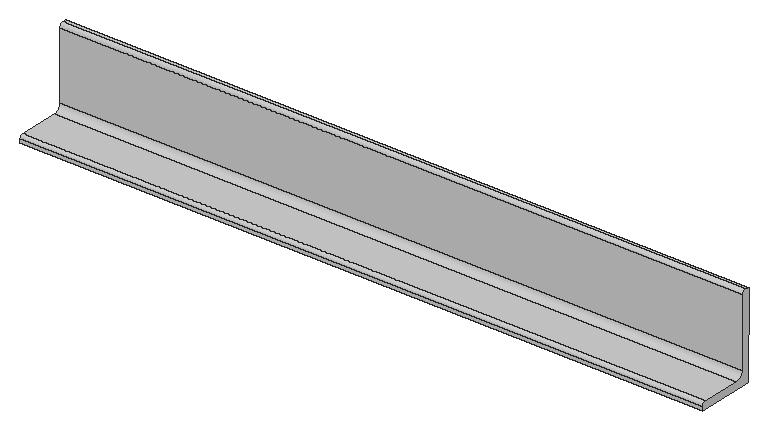
Revit family "b3a58184f82242daacbc37889d2cfbb5", category Structural Framing, Revit 2021
Family settings
  Structural Framing Length Roundoff = 0' - 0"
  Section Shape = L-angle
  Material for Model Behavior = Steel
  Always export as geometry = No
  Family Name Key = L Unequal Angles
  Code Name = AISC 14.1
  OmniClass Number = 23.25.30.11.14.14
  OmniClass Title = Beams
  Seek Item ID = L-Angle-0000-USA-ENU
  Always vertical = Yes
  Cut with Voids When Loaded = No
  Symbolic Representation = From Project Settings
  Shared = No
  Show family pre-cut in plan views = Yes
Parameters (values of type "L6X4X1/2")
  Width = 0' - 4"
  Web Thickness = 0.5000"
  Web Fillet = 0.5000"
  Warping Constant = 0.84300 in⁶
  Torsional Moment of Inertia = 0.40700 in⁴
  Torsional Modulus = 0.000 in³
  Top Web Fillet = 0.2500"
  Structural Material [instance] = Steel ASTM A36
  Section Name Key = ""
  Section Area = 4.750 in²
  Principal Axes Angle = 23.749°
  Plastic Modulus weak axis = 3.690 in³
  Plastic Modulus strong axis = 7.710 in³
  Nominal Weight = 16.20 lbf/ft
  Moment of Inertia weak axis = 6.22000 in⁴
  Moment of Inertia strong axis = 17.30000 in⁴
  Height = 0' - 6"
  Flange Thickness = 0.5000"
  Flange Fillet = 0.2500"
  Elastic Modulus weak axis = 2.060 in³
  Elastic Modulus strong axis = 4.310 in³
  Centroid Vertical = 0' - 1.98"
  Centroid Horizontal = 0' - 0.981"
  Bolt Spacing Shorter Flange = 0' - 2 1/2"
  Bolt Spacing 2 Longer Flange = 0' - 4 3/4"
  Bolt Spacing 1 Longer Flange = 0' - 2 1/4"
  Assembly Code = "B10"
  Length [instance] = 5' - 0"
Types (2): name | Width | Warping Constant | Torsional Moment of Inertia | Section Area | Principal Axes Angle | Plastic Modulus weak axis | Plastic Modulus strong axis | Nominal Weight | Moment of Inertia weak axis | Moment of Inertia strong axis | Height | Elastic Modulus weak axis | Elastic Modulus strong axis | Centroid Vertical | Centroid Horizontal | Bolt Spacing Shorter Flange | Bolt Spacing 2 Longer Flange | Bolt Spacing 1 Longer Flange
  L6X4X1/2 | 0' - 4" | 0.84300 in⁶ | 0.40700 in⁴ | 4.750 in² | 23.749° | 3.690 in³ | 7.710 in³ | 16.20 lbf/ft | 6.22000 in⁴ | 17.30000 in⁴ | 0' - 6" | 2.060 in³ | 4.310 in³ | 0' - 1.98" | 0' - 0.981" | 0' - 2 1/2" | 0' - 4 3/4" | 0' - 2 1/4"
  L8X6X1/2 | 0' - 6" | 2.28000 in⁶ | 0.58400 in⁴ | 6.800 in² | 29.12° | 8.520 in³ | 14.600 in³ | 23.00 lbf/ft | 21.70000 in⁴ | 44.40000 in⁴ | 0' - 8" | 4.790 in³ | 8.010 in³ | 0' - 2.46" | 0' - 1.46" | 0' - 3 1/2" | 0' - 6" | 0' - 3"
Reference planes (in)
  plane 1 "Center (Front/Back)": y = 0
  plane 2: z = 0
  plane 3 "Center (Left/Right)": x = 0.1815
  plane 4 "Member Left": x = -23.8185
  plane 5 "Member Right": x = 24.1815
  plane 6 "Left": x = -29.8185
  plane 7 "Right": x = 30.1815
  plane 8: z = 4.02
  plane 9: z = -1.98
  plane 10: y = 0.981
  plane 11: y = -3.019
Forms (in)
  Sweep 1, solid, material "Steel ASTM A36" <- "Structural Material", detail levels fine
    path origin (0, 0, 0) x (1, 0, 0) y (0, 1, 0)
      loop
        line (-23.8185, 0) -> (24.1815, 0)
    profile "L-Angle-Profile-Fine : L-Angle-Profile-Fine" origin (0.1815, 0, 0) x (0, 1, 0) y (0, 0, 1)
      loop
        line (0.981, 4.02) -> (0.731, 4.02)
        arc (0.731, 4.02) -> (0.55422, 3.94678) -> (0.481, 3.77) r 0.25
        line (0.481, 3.77) -> (0.481, -0.98)
        arc (0.481, -0.98) -> (0.33455, -1.33355) -> (-0.019, -1.48) r 0.5
        line (-0.019, -1.48) -> (-2.769, -1.48)
        arc (-2.769, -1.48) -> (-2.94578, -1.55322) -> (-3.019, -1.73) r 0.25
        line (-3.019, -1.73) -> (-3.019, -1.98) -> (0.981, -1.98) -> (0.981, 4.02)
  Sweep 2, solid, material "Steel ASTM A36" <- "Structural Material", detail levels medium
    path origin (0, 0, 0) x (1, 0, 0) y (0, 1, 0)
      loop
        line (-23.8185, 0) -> (24.1815, 0)
    profile "L-Angle-Profile-Medium : L-Angle-Profile-Medium" origin (0.1815, 0, 0) x (0, 1, 0) y (0, 0, 1)
      loop
        line (0.981, 4.02) -> (0.481, 4.02) -> (0.481, -1.48) -> (-3.019, -1.48) -> (-3.019, -1.98) -> (0.981, -1.98) -> (0.981, 4.02)
Lines and regions (in)
  symbolic lines, style "Hidden Faces", detail levels medium+fine
    curve 1: line (-23.8185, 0, -1.48) -> (24.1815, 0, -1.48)
    curve 2: line (-23.8185, 0.481, 0) -> (24.1815, 0.481, 0)
  symbolic lines, style "Stick Symbols", detail levels coarse
    curve 3: line (0.1815, 0.981, 4.02) -> (0.1815, 0.981, -1.98)
    curve 4: line (0.1815, 0.981, -1.98) -> (0.1815, -3.019, -1.98)
Dimensions and locks (in)
  "Length": plane 6 "Left" to plane 7 "Right"
  "Width": plane 10 to plane 11
  "Height": plane 8 to plane 9
  "Centroid Horizontal": plane 10 to plane 1 "Center (Front/Back)"
  "Centroid Vertical": level to plane 9
  aligned and locked: plane 4 "Member Left" to curve 1
  aligned and locked: plane 5 "Member Right" to curve 1
  aligned and locked: plane 4 "Member Left" to Sweep 1 sketch curve
  aligned and locked: plane 1 "Center (Front/Back)" to Sweep 1 sketch curve
  aligned and locked: plane 5 "Member Right" to Sweep 1 sketch curve
  aligned and locked: plane 4 "Member Left" to Sweep 2 sketch curve
  aligned and locked: plane 5 "Member Right" to Sweep 2 sketch curve
  aligned and locked: plane 1 "Center (Front/Back)" to Sweep 2 sketch curve
  aligned and locked: plane 8 to curve 3
  aligned and locked: plane 10 to curve 3
  aligned and locked: curve 4 to plane 9
  aligned and locked: plane 11 to curve 4
  aligned and locked: plane 10 to curve 4
  aligned and locked: Sweep 2 to curve 2
  aligned and locked: plane 4 "Member Left" to curve 2
  aligned and locked: plane 5 "Member Right" to curve 2
  aligned and locked: curve 1 to Sweep 2
